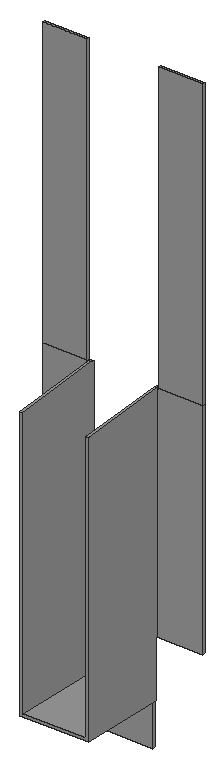
Revit family "C_AG703_3D_CAD_MULT_Prod", category Structural Connections, Revit 2015
Parameters
  Warnings [instance] = if(or(Joist Width < 36.000 mm, Joist Width > 98.000 mm), "W is out of the range from 36 mm to 98 mm", if(not(Bend the Straps), "Unbend Mode On", if(or(Joist Height  & Offset < H2, not(H of straps > 0.000 mm)), "H is lower than the limit", if(Joist Height  & Offset > 163.000 mm + H2, "H is higher than the limit", if(Header Depth < 20.000 mm, "D is lower than the limit", if(Header Depth > 163.000 mm, "D is higher than the limit", "No warnings suggested"))))))  # "Unbend Mode On"
  Joist Width [instance] = 36.000 mm
  UniClass Title = "Joist hangers "  # constant formula
  UniClass Number = "Pr_20_29_31_44"  # constant formula
  URL = "www.strongtie.eu"
  Technical datasheet = "https://www.strongtie.eu/eu-EU/technical-data-sheets"
  Reference = "AG703"  # constant formula
  Provide Feedback = "mailto:EUdrawings@strongtie.com"
  Product Type = "Joist hanger"  # constant formula
  Product Material = Galvanised
  ObjectType = Model  # "AG703"
  Name = Model  # "AG703"
  Model ID = "0245816807543447106223246241605905531836"  # constant formula
  Model Disclaimer = "Contact Simpson Strong-Tie Company  for more information"  # constant formula
  Model = "AG703"  # constant formula
  Manufacturer = "Simpson Strong-Tie"  # constant formula
  H2 [instance] = H1 + 4.287 mm  # 158.287 mm
  H1 [instance] = if(Ctrl_W = 38.000 mm, 153.000 mm, if(Ctrl_W = 40.000 mm, 152.000 mm, if(Ctrl_W = 50.000 mm, 147.000 mm, if(Ctrl_W = 64.000 mm, 140.000 mm, if(Ctrl_W = 66.000 mm, 139.000 mm, if(Ctrl_W = 76.000 mm, 134.000 mm, (344.000 mm - Ctrl_W) / 2))))))  # 154.000 mm
  H of straps [instance] = round((Ctrl_H - H2) / 1.000 mm) * 1.000 mm  # 163.000 mm
  Joist Height  & Offset [instance] = 290.000 mm
  ETA / DoP = "https://www.strongtie.eu/eu-EU/cemarking"
  EPD = "https://www.strongtie.eu/eu-EU/EPD"
  Distance Straps [instance] = Ctrl_W + 5.000 mm  # 41.000 mm
  Description = Product Type  # "Joist hanger"
  Density = 0.382 kg  # constant formula
  Default Elevation = 0.000 mm
  Header Depth [instance] = 20.000 mm
  Ctrl_W [instance] = if(Joist Width < 36.000 mm, 36.000 mm, if(Joist Width > 98.000 mm, 98.000 mm, Joist Width))  # 36.000 mm
  Ctrl_H [instance] = if(not(Bend the Straps), H2 + 163.000 mm, if(Joist Height  & Offset < H2, H2, if(Joist Height  & Offset > H2 + 163.000 mm, H2 + 163.000 mm, Joist Height  & Offset)))  # 321.287 mm
  Ctrl_D [instance] = if(Header Depth < 10.000 mm, 10.000 mm, if(Header Depth > 163.000 mm - H of straps, 163.000 mm - H of straps, Header Depth))  # 0.000 mm
  Copyright = "©Simpson Strong-Tie"  # constant formula
  Bend the Straps [instance] = no
Reference planes
  plane 1 "Center (Front/Back)": y = 0
  plane 2: z = 0
  plane 3 "Center (Left/Right)": x = 0
Dimensions and locks
  nested 1 to level = 158.287 mm
  aligned and locked: level to plane 2
Nested families
  nested 1: "AG703 - Seat" at (0, 0, 0), W <- "Ctrl_W", Product Material <- "Product Material", type "AG703 - Seat"
    with W 36.000 mm, Product Material Galvanised, H1 154.000 mm
  nested 2: "Couple Straps not down" at (0, 0, 158.287), built-in parameter 1001364 <- "H2", W <- "Distance Straps", Heel <- "H of straps", W_rafter <- "Ctrl_D", Material <- "Product Material", type "Couple Straps not down"
    with W_rafter 0.000 mm, W straps 25.000 mm, W 41.000 mm, Thickness 1.500 mm, Material Galvanised, Heel 163.000 mm, Bendable Length 163.000 mm
Definition of nested family "AG703 - Seat"
  Parameters (values of type "AG703 - Seat")
    W [instance] = 80.000 mm
    UniClass Title = "Bracketed angle supports"  # constant formula
    UniClass Number = "Pr_20_85_09_09"  # constant formula
    URL = "www.strongtie.eu"
    Technical datasheet = "https://www.strongtie.eu/eu-EU/technical-data-sheets"
    Reference = "___"
    Provide Feedback = "mailto:EUdrawings@strongtie.com"
    Product Type = ""
    Product Material [instance] = none
    ObjectType = Model  # ""
    Name = Model  # ""
    Model ID = ""
    Model Disclaimer = "Contact Simpson Strong-Tie Company  for more information"  # constant formula
    Model = ""
    Manufacturer = "Simpson Strong-Tie"  # constant formula
    H1 [instance] = if(W = 38.000 mm, 153.000 mm, if(W = 40.000 mm, 152.000 mm, if(W = 50.000 mm, 147.000 mm, if(W = 64.000 mm, 140.000 mm, if(W = 66.000 mm, 139.000 mm, if(W = 76.000 mm, 134.000 mm, (344.000 mm - W) / 2))))))  # 132.000 mm
    ETA / DoP = "https://www.strongtie.eu/eu-EU/cemarking"
    EPD = "https://www.strongtie.eu/eu-EU/EPD"
    Description = Product Type  # ""
    Density = 0.00 kg
    Default Elevation = 0.000 mm
    Copyright = "©Simpson Strong-Tie"  # constant formula
  Reference planes
    plane 1 "Center (Front/Back)": y = 0
    plane 2: z = 0
    plane 3 "Center (Left/Right)": x = 0
  Forms (mm)
    Extrusion 1, solid, material <- "Product Material"
      sketch origin (15.424, 0, 0) x (1, 0, 0) y (0, 1, 0)
        loop
          line (-56.924, -2.5) -> (-56.924, -50.5) -> (26.076, -50.5) -> (26.076, -2.5) -> (1.576, -2.5) -> (1.576, 0) -> (-32.424, 0) -> (-32.424, -2.5) -> (-56.924, -2.5)
      from -1.5 to 0
    Extrusion 2, solid, material <- "Product Material"
      sketch origin (0, 0, 0) x (1, 0, 0) y (0, 0, 1)
        loop
          line (-17, 0) -> (-17, -27) -> (17, -27) -> (17, 0) -> (-17, 0)
      from 0 to 1.5
    Extrusion 3, solid, material <- "Product Material"
      sketch origin (0, 0, 0) x (1, 0, 0) y (0, 0, 1)
        loop
          line (-67.5, 136.287) -> (-67.5, 9) -> (-40, 9) -> (-40, 136.287) -> (-67.5, 136.287)
        loop
          line (40, 136.287) -> (40, 9) -> (67.5, 9) -> (67.5, 136.287) -> (40, 136.287)
      from 0 to 1.5
    Extrusion 4, solid, material <- "Product Material"
      sketch origin (0, 0, 0) x (0, 1, 0) y (0, 0, 1)
        loop
          line (-50.5, 132) -> (-50.5, -1.5) -> (-2.5, -1.5) -> (-2.5, 9) -> (0, 9) -> (0, 136.287) -> (-1.5, 136.287) -> (-50.5, 132)
      from -41.5 to -40
    Extrusion 5, solid, material <- "Product Material"
      sketch origin (1.122, 0, 0.066) x (0, 1, 0) y (0, 0, -1)
        loop
          line (-50.5, -131.934) -> (-1.5, -136.221) -> (0, -136.221) -> (0, -8.934) -> (-2.5, -8.934) -> (-2.5, 1.566) -> (-50.5, 1.566) -> (-50.5, -131.934)
      from -40.378 to -38.878
  Cuts and joins
    joined: Extrusion 1, Extrusion 2, Extrusion 3, Extrusion 4, Extrusion 5
  Lines and regions (mm)
    reference lines
      curve 1: line (-91.207, 0, 132) -> (93.793, 0, 132)
  Dimensions and locks
    Extrusion 3 sketch curve to Extrusion 3 sketch curve = 27.500 mm  (x2)
    locked: Extrusion 3 sketch curve to curve 1 at 4.287  (x2)
    locked: curve 1 to Extrusion 3 sketch curve at 123  (x2)
    equal spacing: Extrusion 3 sketch curve, plane 3 "Center (Left/Right)", Extrusion 3 sketch curve
    "W": Extrusion 3 sketch curve to Extrusion 3 sketch curve
    Extrusion 2 sketch curve to plane 3 "Center (Left/Right)" to Extrusion 2 sketch curve = 17.000 mm locked, 17.000 mm locked
    "H1": curve 1 to level
    Extrusion 5 to plane 3 "Center (Left/Right)" = 40.000 mm
    "H1": Extrusion 4 sketch curve to level
    "H1": Extrusion 5 sketch curve to level
    Extrusion 1 sketch curve to plane 3 "Center (Left/Right)" to Extrusion 1 sketch curve = 17.000 mm, 17.000 mm
    equal spacing: cut or joined group of Extrusion 1, Extrusion 2, Extrusion 3, Extrusion 4, Extrusion 5, plane 3 "Center (Left/Right)", cut or joined group of Extrusion 1, Extrusion 2, Extrusion 3, Extrusion 4, Extrusion 5
    cut or joined group of Extrusion 1, Extrusion 2, Extrusion 3, Extrusion 4, Extrusion 5 to cut or joined group of Extrusion 1, Extrusion 2, Extrusion 3, Extrusion 4, Extrusion 5 = 83.000 mm
    locked: cut or joined group of Extrusion 1, Extrusion 2, Extrusion 3, Extrusion 4, Extrusion 5 to cut or joined group of Extrusion 1, Extrusion 2, Extrusion 3, Extrusion 4, Extrusion 5 at 1.5  (x2)
    aligned and locked: level to plane 2
    aligned and locked: Extrusion 3 to Extrusion 5  (x2)
    aligned and locked: Extrusion 4 to Extrusion 3  (x2)
    aligned and locked: Extrusion 1 to Extrusion 2
    aligned and locked: Extrusion 1 to Extrusion 5
    aligned and locked: Extrusion 4 to Extrusion 1
  Automatic sketch dimensions
    plane 1 "Center (Front/Back)" to Extrusion 1 sketch curve = 0.000 mm
    Extrusion 1 sketch curve to plane 3 "Center (Left/Right)" = 41.500 mm
    plane 3 "Center (Left/Right)" to Extrusion 1 sketch curve = 41.500 mm
    Extrusion 1 sketch curve to Extrusion 1 sketch curve = 2.500 mm  (x2)
    Extrusion 1 sketch curve to Extrusion 1 sketch curve = 48.000 mm
    Extrusion 2 sketch curve to level = 0.000 mm
    Extrusion 2 sketch curve to Extrusion 2 sketch curve = 27.000 mm
    curve 1 to plane 3 "Center (Left/Right)" = 91.207 mm
    plane 3 "Center (Left/Right)" to curve 1 = 93.793 mm
    Extrusion 4 sketch curve to plane 1 "Center (Front/Back)" = 0.000 mm
    plane 1 "Center (Front/Back)" to Extrusion 4 sketch curve = 1.500 mm
    plane 1 "Center (Front/Back)" to Extrusion 4 sketch curve = 2.500 mm
    Extrusion 4 sketch curve to Extrusion 4 sketch curve = 49.000 mm
    level to Extrusion 4 sketch curve = 9.000 mm
    Extrusion 4 sketch curve to level = 1.500 mm
    Extrusion 4 sketch curve to Extrusion 4 sketch curve = 4.287 mm
    Extrusion 5 sketch curve to plane 1 "Center (Front/Back)" = 0.000 mm
    plane 1 "Center (Front/Back)" to Extrusion 5 sketch curve = 1.500 mm
    plane 1 "Center (Front/Back)" to Extrusion 5 sketch curve = 2.500 mm
    Extrusion 5 sketch curve to Extrusion 5 sketch curve = 49.000 mm
    Extrusion 5 sketch curve to Extrusion 5 sketch curve = 4.287 mm
    level to Extrusion 5 sketch curve = 9.000 mm
    Extrusion 5 sketch curve to level = 1.500 mm
Definition of nested family "Couple Straps not down"
  Parameters (values of type "Couple Straps not down")
    W_rafter [instance] = 38.100 mm
    W straps [instance] = 38.100 mm
    W [instance] = 38.100 mm
    Thickness [instance] = 1.587 mm
    Material [instance] = none
    Heel [instance] = 152.400 mm
    Bendable Length [instance] = 190.500 mm
  Reference planes
    plane 1 "Center (Front/Back)": y = 0
    plane 2: z = 0
    plane 3 "Center (Left/Right)": x = 0
    plane 4: x = -19.05
    plane 5: x = 19.05
  Dimensions and locks
    equal spacing: plane 4, plane 3 "Center (Left/Right)", plane 5
    "W": plane 5 to plane 4
    aligned and locked: plane 2 to level
    aligned and locked: nested 1 to plane 5
    aligned and locked: plane 4 to nested 2
  Nested families
    nested 1: "Strap not down" at (19.05, 0, 0), Rafter Width <- "W_rafter", Strap Width <- "W straps", Thickness <- "Thickness", Bendable_Length <- "Bendable Length", Heel Height <- "Heel", Product Material <- "Material", type "Strap not down"
      with visible_L3 no, visible_L2 yes, Thickness 1.587 mm, Strap Width 38.100 mm, Rafter Width_in 38.100 mm, Rafter Width 38.100 mm, Product Material none, L3 6.350 mm, L2 38.100 mm, L1 152.400 mm, Heel Height 152.400 mm, Bendable_Length 190.500 mm
    nested 2: "Strap not down" at (-57.15, 0, 0), Rafter Width <- "W_rafter", Strap Width <- "W straps", Thickness <- "Thickness", Bendable_Length <- "Bendable Length", Heel Height <- "Heel", Product Material <- "Material", type "Strap not down"
      with visible_L3 no, visible_L2 yes, Thickness 1.587 mm, Strap Width 38.100 mm, Rafter Width_in 38.100 mm, Rafter Width 38.100 mm, Product Material none, L3 6.350 mm, L2 38.100 mm, L1 152.400 mm, Heel Height 152.400 mm, Bendable_Length 190.500 mm
  Definition of nested family "Strap not down"
    Parameters (values of type "Strap not down")
      visible_L3 [instance] = L1 + L2 < Bendable_Length  # no
      visible_L2 [instance] = L1 < Bendable_Length  # yes
      Strap Width [instance] = 38.100 mm
      Thickness [instance] = 1.587 mm
      Rafter Width [instance] = 101.600 mm
      Product Material [instance] = none
      Bendable_Length [instance] = 190.500 mm
      Heel Height [instance] = 127.000 mm
      L1 [instance] = if(Heel Height < 0.000 mm, 0.000 mm, if(Heel Height > Bendable_Length, Bendable_Length, Heel Height))  # 127.000 mm
      L3 [instance] = if(L1 + L2 < Bendable_Length, Bendable_Length - L1 - L2, 6.350 mm)  # 6.350 mm
      L2 [instance] = if(L1 + Rafter Width_in < Bendable_Length, Rafter Width_in, if(L1 < Bendable_Length, Bendable_Length - L1, 0.000 mm))  # 63.500 mm
      Rafter Width_in [instance] = if(Rafter Width < 0.000 mm, 0.000 mm, if(Rafter Width > 304.800 mm, 304.800 mm, Rafter Width))  # 101.600 mm
    Reference planes
      plane 1 "Center (Front/Back)": y = 0
      plane 2: z = 0
      plane 3 "Center (Left/Right)": x = 0
      plane 4: x = 38.1
      plane 5 "2": y = 65.087
      plane 6: y = 63.5
      plane 7: z = 127
      plane 8: z = 128.587
    Forms (mm)
      Extrusion 1, solid, material <- "Product Material"
        sketch origin (0, 0, 0) x (1, 0, 0) y (0, 0, 1)
          loop
            line (0, 0) -> (38.1, 0) -> (38.1, 128.588) -> (0, 128.588) -> (0, 0)
        from 0 to 1.587 <- "Thickness"
      SweptBlend 2, solid, material <- "Product Material", visible <- "visible_L2"
        path origin (0, 0, 0) x (1, 0, 0) y (0, 1, 0)
          loop
            line (0, 0) -> (0, 65.087)
        profile origin (0, 0, 0) x (-1, 0, 0) y (0, 0, 1)
          loop
            line (0, 128.588) -> (-38.1, 128.588) -> (-38.1, 127) -> (0, 127) -> (0, 128.588)
        end profile origin (0, 65.087, 0) x (-1, 0, 0) y (0, 0, 1)
          loop
            line (0, 128.588) -> (-38.1, 128.588) -> (-38.1, 127) -> (0, 127) -> (0, 128.588)
      Extrusion 3, solid, material <- "Product Material", visible <- "visible_L3"
        sketch origin (-28.529, 65.087, 1219.2) x (-1, 0, 0) y (0, 0, 1)
          loop
            line (-28.529, -1092.2) -> (-66.629, -1092.2) -> (-66.629, -1098.55) -> (-28.529, -1098.55) -> (-28.529, -1092.2)
        from 0 to -1.588
    Dimensions and locks
      "Strap Width": plane 4 to plane 3 "Center (Left/Right)"
      "L2": plane 1 "Center (Front/Back)" to plane 6
      "Thickness": plane 5 "2" to plane 6
      "Thickness": plane 8 to plane 7
      "L3": Extrusion 3 sketch curve to plane 7
      "L1": plane 7 to plane 2
      locked: Extrusion 3 sketch curve to Extrusion 3 sketch curve (angle 90.00°)
      aligned and locked: plane 2 to level
      aligned and locked: Extrusion 1 sketch curve to plane 3 "Center (Left/Right)"
      aligned and locked: plane 4 to Extrusion 1 sketch curve
      aligned and locked: plane 3 "Center (Left/Right)" to SweptBlend 2 sketch curve
      aligned and locked: plane 5 "2" to SweptBlend 2 sketch curve
      aligned and locked: plane 1 "Center (Front/Back)" to SweptBlend 2 sketch curve
      aligned and locked: plane 8 to SweptBlend 2 sketch curve  (x2)
      aligned and locked: SweptBlend 2 sketch curve to plane 3 "Center (Left/Right)"  (x2)
      aligned and locked: SweptBlend 2 sketch curve to plane 7  (x2)
      aligned and locked: plane 4 to SweptBlend 2 sketch curve  (x2)
      aligned and locked: plane 3 "Center (Left/Right)" to Extrusion 3 sketch curve
      aligned and locked: Extrusion 3 sketch curve to plane 4
      aligned and locked: Extrusion 3 sketch curve to plane 7
      aligned and locked: plane 8 to Extrusion 1 sketch curve
    Automatic sketch dimensions
      Extrusion 1 sketch curve to level = 0.000 mm
